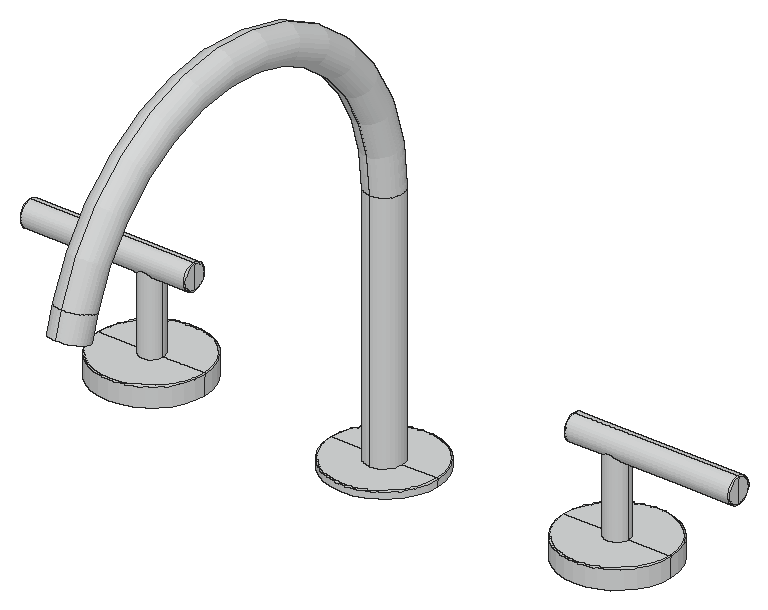
Revit family "TapSet_BathKitchen_Nero_Mecca_Arc_Spout", category Plumbing Fixtures, Revit 2022
Family settings
  Round Connector Dimension = Use Diameter
  Part Type = Normal
  OmniClass Number = 23.31.11.19
  OmniClass Title = Faucet Mixing Valves
  Work Plane-Based = No
  Always vertical = Yes
  Cut with Voids When Loaded = Yes
  Maintain Annotation Orientation = No
  Shared = No
  Room Calculation Point = No
Parameters (values of type "Chrome (25D004CH)")
  Waste Connection = no
  WFU = 0
  Vent Connection = no
  Uniclass2015Version = "Products v1.35"
  Uniclass2015Title = "Taps and water supply outlet fittings"
  Uniclass2015Code = "Pr_40_20_87"
  URL = "https://nerotapware.com.au/"
  Type Comments = "Tap Set - Bath Kitchen - Arc - Spout - Chrome"
  ModifiedIssue = 20251009
  Model = "25D004CH"
  Material = Metal_Chrome_Nero
  ManufacturerURLProductSpecific = ""
  ManufacturerSpecCode = Model  # "25D004CH"
  ManufacturerOverallWidth = 396 mm  # constant formula
  ManufacturerOverallHeight = 260 mm  # constant formula
  ManufacturerOverallDepth = 259.5 mm  # constant formula
  Manufacturer = "Nero"
  IfcExportType = "MIXING"
  IfcExportAs = "IfcValve"
  HWFU = 0
  HW Connection = yes
  Description = "Mecca Bath/Kitchen Set Arc Spout Chrome"
  Default Elevation = 900 mm
  CreatedByURL = "https://igsgroup.com.au"
  CreatedBy = "IGS BIM Solutions"  # constant formula
  CWFU = 0
  CW Connection = yes
  Assembly Code = "D2010"
Types (7, lengths in mm): name | Type Comments | Model | Material | ManufacturerSpecCode | Description
  Chrome (25D004CH) | "Tap Set - Bath Kitchen - Arc - Spout - Chrome" | "25D004CH" | Metal_Chrome_Nero | "25D004CH" | "Mecca Bath/Kitchen Set Arc Spout Chrome"
  Matte Black (25D004MB) | "Tap Set - Bath Kitchen - Arc - Spout - Matte Black" | "25D004MB" | Metal_MatteBlack_Nero | "25D004MB" | "Mecca Bath/Kitchen Set Arc Spout Matte Black"
  Brushed Nickel (25D004BN) | "Tap Set - Bath Kitchen - Arc - Spout - Brushed Nickel" | "25D004BN" | Metal_Nickel_Nero_Brushed | "25D004BN" | "Mecca Bath/Kitchen Set Arc Spout Brushed Nickel"
  Gun Metal (25D004GM) | "Tap Set - Bath Kitchen - Arc - Spout - Gun Metal" | "25D004GM" | Metal_GunMetal_Nero | "25D004GM" | "Mecca Bath/Kitchen Set Arc Spout Gun Metal"
  Brushed Gold (25D004BG) | "Tap Set - Bath Kitchen - Arc - Spout - Brushed Gold" | "25D004BG" | Metal_Gold_Nero_Brushed | "25D004BG" | "Mecca Bath/Kitchen Set Arc Spout Brushed Gold"
  Brushed Bronze (25D004BZ) | "Tap Set - Bath Kitchen - Arc - Spout - Brushed Bronze" | "25D004BZ" | Metal_Bronze_Nero_Brushed | "25D004BZ" | "Mecca Bath/Kitchen Set Arc Spout Brushed Bronze"
  Matte White (25D004MW) | "Tap Set - Bath Kitchen - Arc - Spout - Matte White" | "25D004MW" | Metal_MatteWhite_Nero | "25D004MW" | "Mecca Bath/Kitchen Set Arc Spout Matte White"
Reference planes
  plane 1 "Bottom": z = 0
  plane 2 "Center (Left/Right)": x = 0.115
  plane 3 "Ref. Level": z = 0
  plane 4 "Top": z = 260
  plane 5 "Right": x = 198.115
  plane 6 "Left": x = -197.885
  plane 7 "SpoutCenter (Front/Back)": y = 70.962
  plane 8 "Front": y = -158.538
  plane 9 "Back": y = 100.962
Forms (mm)
  Extrusion 1, solid, material "Metal_Chrome_Nero" <- "Material"
    sketch origin (-636.066, 1255.962, 0) x (-1, 0, 0) y (0, -1, 0)
      loop
        circle (-506.181, 1185) r 6.35
      loop
        circle (-766.181, 1185) r 6.35
    from 0 to -1
  Revolve 2, solid, material "Metal_Chrome_Nero" <- "Material"
    sketch origin (-129.77, 70.962, 70.962) x (0, 0, -1) y (1, 0, 0)
      loop
        line (70.962, 99.885) -> (70.962, 129.885) -> (66.962, 129.885) -> (66.962, 100.385)
        arc (66.962, 100.385) -> (67.109, 100.031) -> (67.462, 99.885) r 0.5
        line (67.462, 99.885) -> (70.962, 99.885)
      axis (66.962, 129.885) -> (70.962, 129.885)
    angle from 0 to 360
  Extrusion 3, void
    sketch origin (636.296, -1114.038, 0) x (1, 0, 0) y (0, 1, 0)
      loop
        circle (-766.181, 1185) r 15
      loop
        circle (-506.181, 1185) r 15
    from 0 to -40
  Sweep 4, solid, material "Metal_Chrome_Nero" <- "Material"
    path origin (0.115, 118.462, -3.038) x (0, 0, -1) y (0, 1, 0)
      loop
        line (-3.038, -47.5) -> (-142.459, -47.5)
        arc (-142.459, -47.5) -> (-251.598, -140.714) -> (-176.605, -263.092) r 110.5
        line (-176.605, -263.092) -> (-163.038, -267.5)
    profile origin (0.115, 70.962, 69.71) x (0, -1, 0) y (1, 0, 0)
      loop
        circle (0, 0) r 10
  Revolve 5, solid, material "Metal_Chrome_Nero" <- "Material"
    sketch origin (0, 70.962, 70.962) x (0, 0, -1) y (1, 0, 0)
      loop
        line (70.962, -99.885) -> (60.462, -99.885)
        arc (60.462, -99.885) -> (60.109, -100.031) -> (59.962, -100.385) r 0.5
        line (59.962, -100.385) -> (59.962, -123.385) -> (13.962, -123.385) -> (13.962, -129.885) -> (70.962, -129.885) -> (70.962, -99.885)
      axis (13.962, -129.885) -> (70.962, -129.885)
    angle from 0 to 360
  Revolve 6, solid, material "Metal_Chrome_Nero" <- "Material"
    sketch origin (0, 70.962, 70.962) x (0, 0, -1) y (1, 0, 0)
      loop
        line (13.962, -105.885) -> (13.962, -197.885) -> (20.462, -197.885)
        arc (20.462, -197.885) -> (20.816, -197.739) -> (20.962, -197.385) r 0.5
        line (20.962, -197.385) -> (20.962, -106.385)
        arc (20.962, -106.385) -> (20.816, -106.031) -> (20.462, -105.885) r 0.5
        line (20.462, -105.885) -> (13.962, -105.885)
      axis (13.962, -105.885) -> (13.962, -197.885)
    angle from 0 to 360
  Revolve 7, solid, material "Metal_Chrome_Nero" <- "Material"
    sketch origin (0.23, 70.962, 70.962) x (0, 0, -1) y (1, 0, 0)
      loop
        line (70.962, 99.885) -> (70.962, 129.885) -> (13.962, 129.885) -> (13.962, 123.385) -> (59.962, 123.385) -> (59.962, 100.385)
        arc (59.962, 100.385) -> (60.109, 100.031) -> (60.462, 99.885) r 0.5
        line (60.462, 99.885) -> (70.962, 99.885)
      axis (13.962, 129.885) -> (70.962, 129.885)
    angle from 0 to 360
  Revolve 8, solid, material "Metal_Chrome_Nero" <- "Material"
    sketch origin (0.23, 70.962, 70.962) x (0, 0, -1) y (1, 0, 0)
      loop
        line (13.962, 105.885) -> (20.462, 105.885)
        arc (20.462, 105.885) -> (20.816, 106.031) -> (20.962, 106.385) r 0.5
        line (20.962, 106.385) -> (20.962, 197.385)
        arc (20.962, 197.385) -> (20.816, 197.739) -> (20.462, 197.885) r 0.5
        line (20.462, 197.885) -> (13.962, 197.885) -> (13.962, 105.885)
      axis (13.962, 105.885) -> (13.962, 197.885)
    angle from 0 to 360
Cuts and joins
  joined: Revolve 5, Revolve 6
  joined: Revolve 7, Revolve 8
  joined: Revolve 2, Sweep 4
Lines and regions (mm)
  Masking region 1
    outline origin (0, 0, 260) x (0, 1, 0) y (-1, 0, 0)
      loop
        spline (-149.038, 9.885) -> (-151.47, 9.544) -> (-153.736, 8.545) -> (-155.682, 6.956) -> (-157.176, 4.885) -> (-158.115, 2.473) -> (-158.435, -0.115) -> (-158.115, -2.703) -> (-157.176, -5.115) -> (-155.682, -7.186) -> (-153.736, -8.775) -> (-151.47, -9.774) -> (-149.038, -10.115)
        line (-149.038, -10.115) -> (42.678, -10.115)
        arc (42.678, -10.115) -> (100.962, -0.115) -> (42.678, 9.885) r 30
        line (42.678, 9.885) -> (-149.038, 9.885)
      loop
        arc (77.962, 197.385) -> (77.816, 197.739) -> (77.462, 197.885) r 0.5
        line (77.462, 197.885) -> (64.462, 197.885)
        arc (64.462, 197.885) -> (64.109, 197.739) -> (63.962, 197.385) r 0.5
        line (63.962, 197.385) -> (63.962, 159.057)
        arc (63.962, 159.057) -> (70.962, 99.885) -> (77.962, 159.057) r 30
        line (77.962, 159.057) -> (77.962, 197.385)
      loop
        line (77.962, -197.615) -> (77.962, -159.287)
        arc (77.962, -159.287) -> (70.962, -100.115) -> (63.962, -159.287) r 30
        line (63.962, -159.287) -> (63.962, -197.615)
        arc (63.962, -197.615) -> (64.109, -197.969) -> (64.462, -198.115) r 0.5
        line (64.462, -198.115) -> (77.462, -198.115)
        arc (77.462, -198.115) -> (77.816, -197.969) -> (77.962, -197.615) r 0.5
  symbolic lines, style "Taps/Mixers", detail levels medium+fine
    curve 1: arc (10.115, 70.962, 260) -> (0.115, 80.962, 260) -> (-9.885, 70.962, 260) r 10
    curve 2: line (-9.885, 42.678, 260) -> (-9.885, 70.962, 260)
    curve 3: line (10.115, 42.678, 260) -> (10.115, 70.962, 260)
    curve 4: line (106.615, 77.962, 260) -> (159.287, 77.962, 260)
    curve 5: line (106.115, 64.462, 260) -> (106.115, 77.462, 260)
    curve 6: arc (106.115, 77.462, 260) -> (106.261, 77.816, 260) -> (106.615, 77.962, 260) r 0.5
    curve 7: line (106.615, 63.962, 260) -> (159.287, 63.962, 260)
    curve 8: arc (106.115, 64.462, 260) -> (106.261, 64.109, 260) -> (106.615, 63.962, 260) r 0.5
    curve 9: line (-106.385, 77.962, 260) -> (-159.057, 77.962, 260)
    curve 10: line (-105.885, 64.462, 260) -> (-105.885, 77.462, 260)
    curve 11: arc (-105.885, 77.462, 260) -> (-106.031, 77.816, 260) -> (-106.385, 77.962, 260) r 0.5
    curve 12: line (-106.385, 63.962, 260) -> (-159.057, 63.962, 260)
    curve 13: arc (-105.885, 64.462, 260) -> (-106.031, 64.109, 260) -> (-106.385, 63.962, 260) r 0.5
Text (mm)
  text "Disclaimer:\nDue to ongoing product development and manufacturing evolution, product details are subject to change without notice. Please refer to product technical data sheets on the manufacturers website for the most current product information. Please allow a +/- 5mm manufacturing tolerance for dimensions and set-outs shown in product literature." at (347.32, 148.915, 0), in view "Ref. Level"
Dimensions and locks
  "ManufacturerOverallHeight": plane 4 "Top" to plane 1 "Bottom"
  equal spacing: plane 6 "Left", plane 2 "Center (Left/Right)", plane 5 "Right"
  "ManufacturerOverallWidth": plane 6 "Left" to plane 5 "Right"
  locked: plane 9 "Back" to plane 7 "SpoutCenter (Front/Back)" at 30
  "ManufacturerOverallDepth": plane 8 "Front" to plane 9 "Back"
Automatic sketch dimensions
  Revolve 2 sketch curve to plane 2 "Center (Left/Right)" = 0 mm  (x2)
  Revolve 2 sketch curve to level = 0 mm
  Revolve 2 sketch curve to Revolve 2 sketch curve = 3.5 mm
  Revolve 2 sketch curve to Revolve 2 sketch curve = 4 mm
  Revolve 2 sketch curve to plane 2 "Center (Left/Right)" = 29.5 mm
  Revolve 2 sketch curve to Revolve 2 sketch curve = 14.414 mm
  Revolve 2 sketch curve to level = 1.586 mm
  plane 7 "SpoutCenter (Front/Back)" to Extrusion 3 sketch curve = 0 mm  (x2)
  Extrusion 3 sketch curve to plane 6 "Left" = 68 mm
  Extrusion 3 sketch curve to plane 5 "Right" = 68 mm
  Sweep 4 sketch curve to plane 7 "SpoutCenter (Front/Back)" = 0 mm
  Sweep 4 sketch curve to level = 0 mm
  Sweep 4 sketch curve to plane 4 "Top" = 120.579 mm
  Sweep 4 sketch curve to plane 8 "Front" = 13.908 mm
  Sweep 4 sketch curve to plane 4 "Top" = 86.433 mm
  Sweep 4 sketch curve to plane 8 "Front" = 9.5 mm
  Sweep 4 sketch curve to Sweep 4 sketch curve = 13.567 mm
  Sweep 4 sketch curve to profile plane = 0 mm  (x2)
  Masking region 1 sketch curve to plane 2 "Center (Left/Right)" = 0 mm  (x2)
  plane 7 "SpoutCenter (Front/Back)" to Masking region 1 sketch curve = 0 mm  (x3)
  Masking region 1 sketch curve to plane 2 "Center (Left/Right)" = 10 mm
  plane 7 "SpoutCenter (Front/Back)" to Masking region 1 sketch curve = 28.284 mm
  Masking region 1 sketch curve to plane 8 "Front" = 9.5 mm
  plane 7 "SpoutCenter (Front/Back)" to Extrusion 1 sketch curve = 0 mm  (x2)
  Extrusion 1 sketch curve to plane 5 "Right" = 68 mm
  Extrusion 1 sketch curve to plane 6 "Left" = 68 mm
  Revolve 5 sketch curve to level = 0 mm
  level to Revolve 5 sketch curve = 10.5 mm
  Revolve 5 sketch curve to Revolve 5 sketch curve = 0.5 mm
  Revolve 5 sketch curve to Revolve 5 sketch curve = 46 mm
  Revolve 5 sketch curve to plane 6 "Left" = 68 mm
  Revolve 5 sketch curve to Revolve 5 sketch curve = 6.5 mm
  Revolve 5 sketch curve to Revolve 5 sketch curve = 23 mm
  Revolve 5 sketch curve to Revolve 5 sketch curve = 7.414 mm
  Revolve 5 sketch curve to Revolve 5 sketch curve = 1.586 mm
  Revolve 5 sketch curve to Revolve 5 sketch curve = 0 mm
  plane 6 "Left" to Revolve 6 sketch curve = 0 mm
  level to Revolve 6 sketch curve = 57 mm
  Revolve 6 sketch curve to Revolve 6 sketch curve = 6.5 mm  (x2)
  Revolve 6 sketch curve to plane 6 "Left" = 0.5 mm
  Revolve 6 sketch curve to Revolve 6 sketch curve = 91 mm
  Revolve 6 sketch curve to Revolve 6 sketch curve = 0 mm
  Revolve 6 sketch curve to Revolve 6 sketch curve = 37.896 mm
  Revolve 6 sketch curve to Revolve 6 sketch curve = 0.115 mm
  Revolve 7 sketch curve to level = 0 mm
  level to Revolve 7 sketch curve = 10.5 mm
  Revolve 7 sketch curve to Revolve 7 sketch curve = 0.5 mm
  Revolve 7 sketch curve to Revolve 7 sketch curve = 46 mm
  Revolve 7 sketch curve to plane 5 "Right" = 98 mm
  Revolve 7 sketch curve to Revolve 7 sketch curve = 23 mm
  Revolve 7 sketch curve to Revolve 7 sketch curve = 6.5 mm
  Revolve 7 sketch curve to Revolve 7 sketch curve = 7.414 mm
  Revolve 7 sketch curve to Revolve 7 sketch curve = 1.586 mm
  Revolve 7 sketch curve to Revolve 7 sketch curve = 0 mm
  Revolve 8 sketch curve to plane 5 "Right" = 0 mm
  level to Revolve 8 sketch curve = 57 mm
  Revolve 8 sketch curve to Revolve 8 sketch curve = 6.5 mm  (x2)
  Revolve 8 sketch curve to plane 5 "Right" = 0.5 mm
  Revolve 8 sketch curve to Revolve 8 sketch curve = 91 mm
  Revolve 8 sketch curve to Revolve 8 sketch curve = 0 mm
  Revolve 8 sketch curve to Revolve 8 sketch curve = 37.896 mm
  Revolve 8 sketch curve to Revolve 8 sketch curve = 0.115 mm
  Masking region 1 sketch curve to plane 6 "Left" = 0 mm
  Masking region 1 sketch curve to plane 5 "Right" = 0 mm
  plane 7 "SpoutCenter (Front/Back)" to Masking region 1 sketch curve = 7 mm  (x2)
  Masking region 1 sketch curve to Masking region 1 sketch curve = 0.5 mm  (x2)
  Masking region 1 sketch curve to plane 6 "Left" = 0.5 mm
  Masking region 1 sketch curve to plane 7 "SpoutCenter (Front/Back)" = 6.5 mm  (x2)
  Masking region 1 sketch curve to plane 7 "SpoutCenter (Front/Back)" = 7 mm
  Masking region 1 sketch curve to Masking region 1 sketch curve = 38.328 mm
  Masking region 1 sketch curve to Masking region 1 sketch curve = 29.172 mm  (x2)
  Masking region 1 sketch curve to Masking region 1 sketch curve = 67.5 mm
  plane 7 "SpoutCenter (Front/Back)" to curve 3 = 0 mm
  curve 1 to plane 2 "Center (Left/Right)" = 0 mm
  plane 7 "SpoutCenter (Front/Back)" to curve 10 = 6.5 mm
  plane 7 "SpoutCenter (Front/Back)" to curve 8 = 6.5 mm
  curve 7 to curve 8 = 0.5 mm
  curve 12 to curve 13 = 0.5 mm
  curve 6 to plane 7 "SpoutCenter (Front/Back)" = 6.5 mm
  curve 10 to plane 7 "SpoutCenter (Front/Back)" = 6.5 mm
  curve 6 to curve 4 = 0.5 mm
  curve 11 to curve 9 = 0.5 mm
  plane 2 "Center (Left/Right)" to curve 3 = 10 mm
  curve 5 to plane 5 "Right" = 92 mm
  curve 10 to plane 6 "Left" = 92 mm
  plane 7 "SpoutCenter (Front/Back)" to curve 3 = 28.284 mm
  curve 2 to curve 3 = 0 mm
  curve 7 to plane 5 "Right" = 38.828 mm
  curve 4 to curve 7 = 0 mm
  curve 9 to plane 6 "Left" = 38.828 mm
  curve 12 to curve 9 = 0 mm
  radius of Extrusion 3 sketch curve = 15 mm  (x2)
  radius of Sweep 4 sketch curve = 10 mm
  radius of Extrusion 1 sketch curve = 6.35 mm  (x2)
Connectors
  piping at (-129.885, 70.962, -1), diameter 12.7, driven by "HW Connection"
    settings: on Extrusion 1, index 10, connector inside diameter 609.6 mm, connector length 0 mm, flow factor 0, pipe flow 0.0 L/s, pressure drop 0.0 Pa, fitting loss kfactor 0, connector angle 0.00°, fixture units 0, engagement length 0 mm, angle of deflection 0.00°, flow configuration 2, flow direction 1, fitting loss method 0, system type 19, joint type 0, gender type 0, connector reference index -1, connector utility 1, adjustable connector no, is connector primary yes, connector description ""
  piping at (-129.885, 70.962, -1), diameter 12.7, driven by "HW Connection"
    settings: on Extrusion 1, index 11, connector inside diameter 609.6 mm, connector length 0 mm, flow factor 0, pipe flow 0.0 L/s, pressure drop 0.0 Pa, fitting loss kfactor 0, connector angle 0.00°, fixture units 0, engagement length 0 mm, angle of deflection 0.00°, flow configuration 2, flow direction 1, fitting loss method 0, system type 19, joint type 0, gender type 0, connector reference index -1, connector utility 1, adjustable connector no, is connector primary no, connector description "Hot Water Supply"
  piping at (130.115, 70.962, -1), diameter 12.7, driven by "CW Connection"
    settings: on Extrusion 1, index 12, connector inside diameter 609.6 mm, connector length 0 mm, flow factor 0, pipe flow 0.0 L/s, pressure drop 0.0 Pa, fitting loss kfactor 0, connector angle 0.00°, fixture units 0, engagement length 0 mm, angle of deflection 0.00°, flow configuration 2, flow direction 1, fitting loss method 0, system type 20, joint type 0, gender type 0, connector reference index -1, connector utility 1, adjustable connector no, is connector primary no, connector description "Cold Water Supply"
